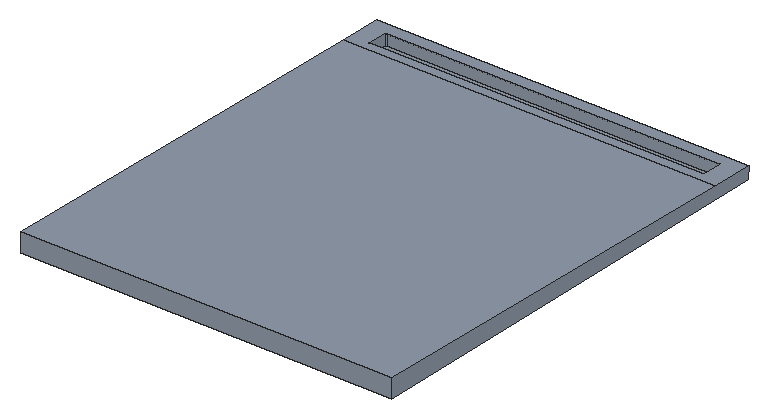
Revit family "NBS_wediSystems-UK-Ltd_ShwrTrys_wediFundoRiolitoneofloorelement", category Plumbing Fixtures, host Face, Revit 2019
Family settings
  Host = Face
  Round Connector Dimension = Use Diameter
  Part Type = Normal
  Cut with Voids When Loaded = No
  Shared = No
  Room Calculation Point = No
Parameters (values of type "Fundo Riolito neo 1200x1000x50mm_900mmChannel")
  Width = 1000 mm
  WediStructuralMaterial = NBS_wedi_PolystyreneExpanded
  WasteHole = "DN50"
  WarrantyStartDate [instance] = "1900-12-31T23:59:59"
  WarrantyGuarantorParts = "n/a"
  WarrantyGuarantorLabor = "n/a"
  WarrantyDurationUnit = "year"
  WarrantyDurationParts = "n/a"
  WarrantyDurationLabor = "n/a"
  WarrantyDescription = "n/a"
  Version = "3"  # constant formula
  Uniclass2015Version = "Products v1.16"
  Uniclass2015Title = "Shower trays"
  Uniclass2015Code = "Pr_40_20_06_84"
  TileSize = "50 x 50 mm"
  ThermalConductivity = "n/a"
  TemperatureLimit = "n/a"
  TagNumber [instance] = "n/a"
  SustainabilityPerformance = "n/a"
  Size = "1200 x 1000 x 50 mm"
  ShowerType = "n/a"
  ShowerHeadDescription = "n/a"
  Shape = "Square"
  SerialNumber [instance] = "n/a"
  Revision = "n/a"
  ReplacementCost = "n/a"
  ProductInformation = "https://www.wedi.de/en/products/building-systems/floor-level-showers/fundo-riolito-neo"
  NominalWidth = Width  # 1000 mm
  NominalLength = Length  # 1200 mm
  NominalHeight = 50 mm
  Name = "ShowerTrays_wediFundoRiolitoneofloorelement_1200x1000x50mm_900mmChannel_wediSystemsLtd"
  NBSReference = "45-35-70/336"
  NBSDescription = "Shower trays"
  NBSCertification = "www.nationalbimlibrary.com/cert/3jjk5ao0"
  ModelReference = "wedi Fundo Riolito neo floor element"
  ModelNumber = "075100008"
  Material = "A waterproof extruded polystyrene rigid foam core with a special, resistant and glass fibre reinforced cement coating"
  ManufacturerURL = "https://www.wedi.de/uk/"
  ManufacturerName = "wedi Systems (UK) Ltd"  # constant formula
  Manufacturer = "technical@wedi.co.uk"
  Length = 1200 mm
  InstallationDate [instance] = "1900-12-31T23:59:59"
  IfcExportType = "SHOWER"  # constant formula
  IfcExportAs = "IfcSanitaryTerminalType"  # constant formula
  HasTray = yes
  GrossDensity = "n/a"
  Grade = "n/a"
  GlassMosaicSize = "20 x 20 mm"
  Finish = "n/a"
  Features = "Fully watertight, close to wall drainage,extremely flat surface, suitable for wheelchair users"
  FaceFinish = none
  ExpectedLife = "30"
  DurationUnit = "year"
  DrainWidth = 900 mm
  DrainSize = 0 mm
  Description = "Neo floor-level shower element with a channel drain"
  Default Elevation = 1219.2 mm
  Constituents = "n/a"
  Color = "n/a"
  CodePerformance = "EN 1606, EN 826, EN 13164, EN 13501"
  Category = "Pr_40_20_06_84:Shower trays"
  BarCode [instance] = "n/a"
  BIMObjectName = "NBS_wediSystemsLtd_ShowerTrays_wediFundoRiolitoneofloorelement_1200x1000x50mm_900mmChannel"
  Author = "NBS"  # constant formula
  AssetType = "Fixed"
  AssetIdentifier [instance] = "n/a"
  Applications = "Private housing, publicly accessible buildings and workplaces"
  AccessibilityPerformance = "Suitable for wheelchair users"
Reference planes
  plane 1 "Center (Front/Back)": y = 0
  plane 2: z = 0
  plane 3 "Center (Left/Right)": x = 0
  plane 4: x = 500
  plane 5: y = -1200
  plane 6: z = -50
  plane 7: x = -500
  plane 8: x = -450
  plane 9: x = 450
  plane 10: y = -110
  plane 11: y = -60
  plane 12: y = -33
  plane 13: y = -87
  plane 14: z = -15
  plane 15: z = -43
  plane 16: z = -45
Forms (mm)
  Extrusion 1, void
    sketch origin (0, 0, 0) x (1, 0, 0) y (0, 1, 0)
      loop
        line (-500, 0) -> (-500, -1200) -> (500, -1200) -> (500, 0) -> (-500, 0)
    from -50 to 0
  Extrusion 2, solid, material "NBS_wedi_PolystyreneExpanded" <- "WediStructuralMaterial"
    sketch origin (0, 0, 0) x (0, 1, 0) y (0, 0, 1)
      loop
        line (0, -50) -> (0, -15) -> (-110, -15) -> (-1200, 0) -> (-1200, -50) -> (0, -50)
    from -500 to 500
  Extrusion 3, void
    sketch origin (0, 0, 0) x (1, 0, 0) y (0, 1, 0)
      loop
        arc (-448, -33) -> (-449.414, -33.586) -> (-450, -35) r 2
        line (-450, -35) -> (-450, -85)
        arc (-450, -85) -> (-450.586, -86.414) -> (-452, -87) r 2
        line (-452, -87) -> (448, -87)
        arc (448, -87) -> (449.414, -86.414) -> (450, -85) r 2
        line (450, -85) -> (450, -35)
        arc (450, -35) -> (449.414, -33.586) -> (448, -33) r 2
        line (448, -33) -> (-448, -33)
    from -45 to -15
Cuts and joins
  Extrusion 3 cuts Extrusion 2
Dimensions and locks
  "Length": plane 1 "Center (Front/Back)" to plane 5
  "NominalHeight": level to plane 6
  equal spacing: plane 7, plane 3 "Center (Left/Right)", plane 4
  "Width": plane 7 to plane 4
  locked: plane 1 "Center (Front/Back)" to plane 10 at 110
  equal spacing: plane 8, plane 3 "Center (Left/Right)", plane 9
  "DrainWidth": plane 8 to plane 9
  locked: plane 11 to plane 1 "Center (Front/Back)" at 60
  equal spacing: plane 12, plane 11, plane 13
  locked: plane 12 to plane 13 at 54
  locked: plane 14 to plane 6 at 35
  locked: plane 6 to plane 16 at 5
  aligned and locked: plane 2 to host face
  aligned and locked: level to host face
  aligned and locked: plane 1 "Center (Front/Back)" to Extrusion 1 sketch curve
  aligned and locked: plane 5 to Extrusion 1 sketch curve
  aligned and locked: Extrusion 1 sketch curve to plane 4
  aligned and locked: host face to Extrusion 1
  aligned and locked: Extrusion 1 to plane 6
  aligned and locked: Extrusion 1 sketch curve to plane 7
  aligned and locked: plane 5 to Extrusion 2 sketch curve  (x2)
  aligned and locked: level to Extrusion 2 sketch curve
  aligned and locked: plane 6 to Extrusion 2 sketch curve
  aligned and locked: plane 1 "Center (Front/Back)" to Extrusion 2 sketch curve
  aligned and locked: Extrusion 2 sketch curve to plane 14
  aligned and locked: plane 4 to Extrusion 2
  aligned and locked: Extrusion 2 to plane 7
  aligned and locked: Extrusion 3 sketch curve to plane 12
  aligned and locked: plane 8 to Extrusion 3 sketch curve
  aligned and locked: plane 13 to Extrusion 3 sketch curve
  aligned and locked: Extrusion 3 sketch curve to plane 9
  aligned and locked: plane 14 to Extrusion 3
  aligned and locked: plane 16 to Extrusion 3
Automatic sketch dimensions
  host sketch curve to host sketch curve = 2438.4 mm
  host sketch curve to host sketch curve = 1542.591 mm
  Extrusion 2 sketch curve to plane 10 = 0 mm
  Extrusion 3 sketch curve to plane 8 = 2 mm
  Extrusion 3 sketch curve to Extrusion 3 sketch curve = 2 mm  (x2)
  Extrusion 3 sketch curve to plane 9 = 2 mm
Types in the file's own list only (10): name | Width | Size | NominalWidth | NominalLength | NominalHeight | Name | ModelNumber | Length | DrainWidth | Default Elevation | BIMObjectName
  Fundo Riolito neo 900x900x50mm_800mmChannel | 900 mm | "900 x 900 x 50 mm" | 900 mm | 900 mm | 50 mm | "ShowerTrays_wediFundoRiolitoneofloorelement_900x900x50mm_800mmChannel_wediSystemsLtd" | "75100003" | 900 mm | 800 mm | 1219 mm | "NBS_wediSystemsLtd_ShowerTrays_wediFundoRiolitoneofloorelement_900x900x50mm_800mmChannel"
  Fundo Riolito neo 1000x1000x50mm_800mmChannel | 1000 mm | "1000 x 1000 x 50 mm" | 1000 mm | 1000 mm | 50 mm | "ShowerTrays_wediFundoRiolitoneofloorelement_1000x1000x50mm_800mmChannel_wediSystemsLtd" | "75100032" | 1000 mm | 800 mm | 1219 mm | "NBS_wediSystemsLtd_ShowerTrays_wediFundoRiolitoneofloorelement_1000x1000x50mm_800mmChannel"
  Fundo Riolito neo 1200x1200x50mm_1000mmChannel | 1200 mm | "1200 x 1200 x 50 mm" | 1200 mm | 1200 mm | 50 mm | "ShowerTrays_wediFundoRiolitoneofloorelement_1200x1200x50mm_1000mmChannel_wediSystemsLtd" | "75100010" | 1200 mm | 1000 mm | 1219 mm | "NBS_wediSystemsLtd_ShowerTrays_wediFundoRiolitoneofloorelement_1200x1200x50mm_1000mmChannel"
  Fundo Riolito neo 900x900x50mm_300mmChannel | 900 mm | "900 x 900 x 50 mm" | 900 mm | 900 mm | 50 mm | "ShowerTrays_wediFundoRiolitoneofloorelement_900x900x50mm_300mmChannel_wediSystemsLtd" | "75100031" | 900 mm | 300 mm | 1219 mm | "NBS_wediSystemsLtd_ShowerTrays_wediFundoRiolitoneofloorelement_900x900x50mm_300mmChannel"
  Fundo Riolito neo 1200x900x50mm_700mmChannel | 900 mm | "1200 x 900 x 50 mm" | 900 mm | 1200 mm | 50 mm | "ShowerTrays_wediFundoRiolitoneofloorelement_1200x900x50mm_700mmChannel_wediSystemsLtd" | "75100001" | 1200 mm | 700 mm | 1219 mm | "NBS_wediSystemsLtd_ShowerTrays_wediFundoRiolitoneofloorelement_1200x900x50mm_700mmChannel"
  Fundo Riolito neo 1400x900x50mm_700mmChannel | 900 mm | "1200 x 900 x 50 mm" | 900 mm | 1400 mm | 50 mm | "ShowerTrays_wediFundoRiolitoneofloorelement_1400x900x50mm_700mmChannel_wediSystemsLtd" | "75100033" | 1400 mm | 700 mm | 1219 mm | "NBS_wediSystemsLtd_ShowerTrays_wediFundoRiolitoneofloorelement_1400x900x50mm_700mmChannel"
  Fundo Riolito neo 1200x900x50mm_800mmChannel | 900 mm | "1600 x 1000 x 50 mm" | 900 mm | 1200 mm | 50 mm | "ShowerTrays_wediFundoRiolitoneofloorelement_1200x900x50mm_800mmChannel_wediSystemsLtd" | "75100034" | 1200 mm | 800 mm | 1219 mm | "NBS_wediSystemsLtd_ShowerTrays_wediFundoRiolitoneofloorelement_1200x900x50mm_800mmChannel"
  Fundo Riolito neo 1800x900x60mm_800mmChannel | 900 mm | "1800 x 900 x 60 mm" | 900 mm | 1800 mm | 60 mm | "ShowerTrays_wediFundoRiolitoneofloorelement_1800x900x60mm_800mmChannel_wediSystemsLtd" | "75100005" | 1800 mm | 800 mm | 1219 mm | "NBS_wediSystemsLtd_ShowerTrays_wediFundoRiolitoneofloorelement_1800x900x60mm_800mmChannel"
  Fundo Riolito neo 1200x800x50mm_700mmChannel | 800 mm | "1200 x 800 x 50 mm" | 800 mm | 1200 mm | 50 mm | "ShowerTrays_wediFundoRiolitoneofloorelement_1200x800x50mm_700mmChannel_wediSystemsLtd" | "75100001" | 1200 mm | 700 mm | 1219 mm | "NBS_wediSystemsLtd_ShowerTrays_wediFundoRiolitoneofloorelement_1200x800x50mm_700mmChannel"
  Fundo Riolito neo 1600x1000x50mm_800mmChannel | 1000 mm | "1600 x 100 x 50 mm" | 1000 mm | 1600 mm | 50 mm | "ShowerTrays_wediFundoRiolitoneofloorelement_1600x1000x50mm_800mmChannel_wediSystemsLtd" | "75100034" | 1600 mm | 800 mm | 1219 mm | "NBS_wediSystemsLtd_ShowerTrays_wediFundoRiolitoneofloorelement_1600x1000x50mm_800mmChannel"
